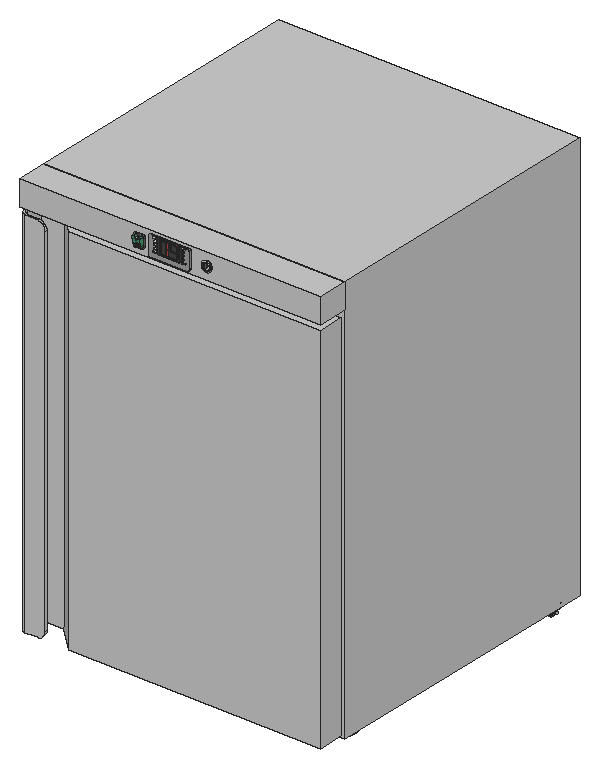
Revit family "QF_KOLDBOX_KXR200-KXF200", category Specialty Equipment, Revit 2016
Family settings
  Part Type = Normal
  Round Connector Dimension = Use Diameter
  OmniClass Number = 23.40.40.14
  OmniClass Title = Food Service Equipment
  Work Plane-Based = No
  Always vertical = Yes
  Cut with Voids When Loaded = No
  Shared = No
  Room Calculation Point = No
Parameters (values of type "KXF200")
  URL = "www.koldbox.com"
  Show Logo [instance] = yes
  Show Clearance [instance] = yes
  Model = "KXF200"
  Manufacturer = "KOLDBOX"
  Description = "KOLDBOX 200L STAINLESS STEEL UNDER COUNTER REFRIGERATOR"
  Assembly Code = "E1090320"
Types (2, lengths in mm): name | Model
  KXF200 | "KXF200"
  KXR200 | "KXR200"
Reference planes
  plane 1 "Back": y = 0
  plane 2: z = 0
  plane 3 "Left": x = 0
  plane 4 "Right": x = 595
  plane 5 "Front": y = -640
  plane 6 "Top": z = 830
Forms (mm)
  Extrusion 1, solid
    sketch origin (0, 60, 20) x (1, 0, 0) y (0, 0, 1)
      loop
        line (0, 810) -> (0, 0) -> (595, 0) -> (595, 810) -> (0, 810)
    from 60 to 640
  Extrusion 2, solid
    sketch origin (0, -580, 0) x (1, 0, 0) y (0, 0, 1)
      loop
        line (20, 750) -> (20, 50) -> (575, 50) -> (575, 750) -> (20, 750)
    from 0 to 10
  Extrusion 3, solid
    sketch origin (0, 0, -50) x (1, 0, 0) y (0, 1, 0)
      loop
        line (595, -590) -> (0, -590) -> (0, -630)
        arc (0, -630) -> (2.929, -637.071) -> (10, -640) r 10
        line (10, -640) -> (35, -640) -> (35, -637) -> (13, -637)
        arc (13, -637) -> (5.929, -634.071) -> (3, -627) r 10
        line (3, -627) -> (3, -593) -> (50, -593) -> (97, -640) -> (595, -640) -> (595, -590)
    from 80 to 820
  Extrusion 4, solid
    sketch origin (0, 0, 0) x (0, 1, 0) y (0, 0, 1)
      loop
        line (-580, 830) -> (-640, 830) -> (-640, 780) -> (-580, 780) -> (-580, 830)
    from 0 to 595
  Revolve 5, solid
    sketch origin (0, -530, 0) x (1, 0, 0) y (0, 0, -1)
      loop
        line (50, -20) -> (50, -15) -> (60, -15) -> (60, 0) -> (40, 0) -> (40, -20) -> (50, -20)
      axis (40, 0) -> (40, -20)
    angle from 0 to 360
  Extrusion 6, solid
    sketch origin (0, -637, 0) x (1, 0, 0) y (0, 0, 1)
      loop
        line (35, 770) -> (35, 30)
        arc (35, 30) -> (45.607, 34.393) -> (50, 45) r 15
        line (50, 45) -> (50, 755)
        arc (50, 755) -> (45.607, 765.607) -> (35, 770) r 15
    from 0 to 3
  Revolve 7, solid
    sketch origin (369.781, 0, 0) x (0, 1, 0) y (0, 0, 1)
      loop
        line (-640, 812.281) -> (-640, 815) -> (-641, 815) -> (-642.268, 812.281) -> (-640, 812.281)
      axis (-640, 805) -> (-642.268, 805)
    angle from 0 to 360
  Extrusion 8, solid
    sketch origin (369.781, -640, 0) x (1, 0, 0) y (0, 0, 1)
      loop
        circle (0, 805) r 7.281
    from 0 to 2.268
  Extrusion 9, solid
    sketch origin (229.5, -630.999, 0) x (1, 0, 0) y (0, 0, 1)
      loop
        arc (3, 815) -> (0.879, 814.121) -> (0, 812) r 3
        line (0, 812) -> (0, 798)
        arc (0, 798) -> (0.879, 795.879) -> (3, 795) r 3
        line (3, 795) -> (12, 795)
        arc (12, 795) -> (14.121, 795.879) -> (15, 798) r 3
        line (15, 798) -> (15, 812)
        arc (15, 812) -> (14.121, 814.121) -> (12, 815) r 3
        line (12, 815) -> (3, 815)
    from 9.001 to 20
  Extrusion 10, void
    sketch origin (227, 9.001, 0) x (0, 1, 0) y (0, 0, 1)
      loop
        line (-659.545, 817.359) -> (-661.721, 817.359) -> (-661.721, 793) -> (-653.921, 793) -> (-659.545, 817.359)
    from 0 to 20
  Extrusion 11, solid
    sketch origin (229.5, -639, 0) x (1, 0, 0) y (0, 0, 1)
      loop
        arc (3, 818) -> (-1.243, 816.243) -> (-3, 812) r 6
        line (-3, 812) -> (-3, 798)
        arc (-3, 798) -> (-1.243, 793.757) -> (3, 792) r 6
        line (3, 792) -> (12, 792)
        arc (12, 792) -> (16.243, 793.757) -> (18, 798) r 6
        line (18, 798) -> (18, 812)
        arc (18, 812) -> (16.243, 816.243) -> (12, 818) r 6
        line (12, 818) -> (3, 818)
    from 0 to 4
  Extrusion 12, solid
    sketch origin (0, -640.768, 0) x (1, 0, 0) y (0, 0, 1)
      loop
        line (368.781, 810.281) -> (368.781, 803.281) -> (370.781, 803.281) -> (370.781, 810.281) -> (368.781, 810.281)
    from 0.232 to 2
  Extrusion 13, solid
    sketch origin (-132.781, -466.033, 24.824) x (1, 0, 0) y (0, -0.224951, 0.97437)
      loop
        line (368.781, 810.281) -> (368.781, 805.281) -> (370.781, 805.281) -> (370.781, 810.281) -> (368.781, 810.281)
    from 0 to 2
  Extrusion 14, solid
    sketch origin (-132.781, -462.884, 11.183) x (1, 0, 0) y (0, -0.224951, 0.97437)
      loop
        circle (369.781, 809.781) r 2.5
      loop
        circle (369.781, 809.781) r 3.5
    from 0 to 2
  Extrusion 15, solid, visible <- "Show Clearance", detail levels coarse
    sketch origin (0, 0, 0) x (1, 0, 0) y (0, 1, 0)
      loop
        arc (0, -640) -> (174.271, -1060.729) -> (595, -1235) r 595
        line (595, -1235) -> (595, -640) -> (0, -640)
    from 30 to 770
  Revolve 16, solid
    sketch origin (595, -530, 0) x (-1, 0, 0) y (0, 0, 1)
      loop
        line (50, 20) -> (40, 20) -> (40, 0) -> (60, 0) -> (60, 15) -> (50, 15) -> (50, 20)
      axis (40, 0) -> (40, 20)
    angle from 0 to 360
  Extrusion 17, solid
    sketch origin (0, -639, 0) x (1, 0, 0) y (0, 0, 1)
      loop
        arc (260.5, 825) -> (258.379, 824.121) -> (257.5, 822) r 3
        line (257.5, 822) -> (257.5, 788)
        arc (257.5, 788) -> (258.379, 785.879) -> (260.5, 785) r 3
        line (260.5, 785) -> (334.5, 785)
        arc (334.5, 785) -> (336.621, 785.879) -> (337.5, 788) r 3
        line (337.5, 788) -> (337.5, 822)
        arc (337.5, 822) -> (336.621, 824.121) -> (334.5, 825) r 3
        line (334.5, 825) -> (260.5, 825)
    from 0 to 4
  Extrusion 18, solid
    sketch origin (0, -642, 10) x (1, 0, 0) y (0, 0, 1)
      loop
        arc (278, 815) -> (275.879, 814.121) -> (275, 812) r 3
        line (275, 812) -> (275, 788)
        arc (275, 788) -> (275.879, 785.879) -> (278, 785) r 3
        line (278, 785) -> (317, 785)
        arc (317, 785) -> (319.121, 785.879) -> (320, 788) r 3
        line (320, 788) -> (320, 812)
        arc (320, 812) -> (319.121, 814.121) -> (317, 815) r 3
        line (317, 815) -> (278, 815)
    from 0 to 2
  Extrusion 19, solid
    sketch origin (1.451, -642.5, 9.5) x (1, 0, 0) y (0, 0, 1)
      loop
        line (278.549, 802) -> (280.549, 802) -> (280.549, 812) -> (278.549, 812) -> (278.549, 802)
      loop
        line (278.549, 789) -> (280.549, 789) -> (280.549, 799) -> (278.549, 799) -> (278.549, 789)
      loop
        line (281.049, 814.5) -> (281.049, 812.5) -> (291.049, 812.5) -> (291.049, 814.5) -> (281.049, 814.5)
      loop
        line (293.549, 802) -> (293.549, 812) -> (291.549, 812) -> (291.549, 802) -> (293.549, 802)
      loop
        line (293.549, 789) -> (293.549, 799) -> (291.549, 799) -> (291.549, 789) -> (293.549, 789)
      loop
        line (281.049, 786.5) -> (291.049, 786.5) -> (291.049, 788.5) -> (281.049, 788.5) -> (281.049, 786.5)
      loop
        line (298.549, 802) -> (300.549, 802) -> (300.549, 812) -> (298.549, 812) -> (298.549, 802)
      loop
        line (301.049, 814.5) -> (301.049, 812.5) -> (311.049, 812.5) -> (311.049, 814.5) -> (301.049, 814.5)
      loop
        line (313.549, 802) -> (313.549, 812) -> (311.549, 812) -> (311.549, 802) -> (313.549, 802)
      loop
        line (313.549, 789) -> (313.549, 799) -> (311.549, 799) -> (311.549, 789) -> (313.549, 789)
      loop
        line (301.049, 799.5) -> (311.049, 799.5) -> (311.049, 801.5) -> (301.049, 801.5) -> (301.049, 799.5)
      loop
        line (301.049, 786.5) -> (311.049, 786.5) -> (311.049, 788.5) -> (301.049, 788.5) -> (301.049, 786.5)
      loop
        line (297.049, 786.5) -> (297.049, 788.5) -> (295.049, 788.5) -> (295.049, 786.5) -> (297.049, 786.5)
    from 0 to 2
  Extrusion 20, solid
    sketch origin (-27, -641.5, -995) x (1, 0, 0) y (0, 0, 1)
      loop
        arc (300, 1815) -> (299.121, 1817.121) -> (297, 1818) r 3
        line (297, 1818) -> (292, 1818) -> (292, 1816) -> (297, 1816)
        arc (297, 1816) -> (297.707, 1815.707) -> (298, 1815) r 1
        line (298, 1815) -> (298, 1811.5) -> (295, 1811.5) -> (295, 1809.5) -> (298, 1809.5) -> (298, 1805) -> (295, 1805) -> (295, 1803) -> (298, 1803) -> (298, 1798.5) -> (295, 1798.5) -> (295, 1796.5) -> (298, 1796.5) -> (298, 1793)
        arc (298, 1793) -> (297.707, 1792.293) -> (297, 1792) r 1
        line (297, 1792) -> (292, 1792) -> (292, 1790) -> (297, 1790)
        arc (297, 1790) -> (299.121, 1790.879) -> (300, 1793) r 3
        line (300, 1793) -> (300, 1815)
      loop
        line (349, 1815) -> (349, 1793)
        arc (349, 1793) -> (349.879, 1790.879) -> (352, 1790) r 3
        line (352, 1790) -> (357, 1790) -> (357, 1792) -> (352, 1792)
        arc (352, 1792) -> (351.293, 1792.293) -> (351, 1793) r 1
        line (351, 1793) -> (351, 1796.5) -> (354, 1796.5) -> (354, 1798.5) -> (351, 1798.5) -> (351, 1803) -> (354, 1803) -> (354, 1805) -> (351, 1805) -> (351, 1809.5) -> (354, 1809.5) -> (354, 1811.5) -> (351, 1811.5) -> (351, 1815)
        arc (351, 1815) -> (351.293, 1815.707) -> (352, 1816) r 1
        line (352, 1816) -> (357, 1816) -> (357, 1818) -> (352, 1818)
        arc (352, 1818) -> (349.879, 1817.121) -> (349, 1815) r 3
    from 0 to 2
  Revolve 21, solid
    sketch origin (-75.403, -50, 0.095) x (1, 0, 0) y (0, 0, 1)
      loop
        line (87.91, 8.905) -> (142.91, 8.905) -> (142.91, 16.41)
        arc (142.91, 16.41) -> (142.703, 16.91) -> (142.203, 17.117) r 0.707
        line (142.203, 17.117) -> (122.886, 17.905) -> (107.934, 17.905) -> (88.617, 17.117)
        arc (88.617, 17.117) -> (88.117, 16.91) -> (87.91, 16.41) r 0.707
        line (87.91, 16.41) -> (87.91, 8.905)
      axis (87.91, 8.905) -> (142.91, 8.905)
    angle from 0 to 360
  Extrusion 22, solid
    sketch origin (-76.41, 54.407, 0.195) x (0, 1, 0) y (0, 0, 1)
      loop
        arc (-92.407, 8.9) -> (-88.871, 10.364) -> (-87.407, 13.9) r 5
        line (-87.407, 13.9) -> (-87.407, 16.005) -> (-121.407, 16.005) -> (-121.407, 13.9)
        arc (-121.407, 13.9) -> (-119.942, 10.364) -> (-116.407, 8.9) r 5
        line (-116.407, 8.9) -> (-92.407, 8.9)
    from 85.91 to 87.41
  Extrusion 23, solid
    sketch origin (-16.91, 54.407, 0.195) x (0, 1, 0) y (0, 0, 1)
      loop
        arc (-92.407, 8.9) -> (-88.871, 10.364) -> (-87.407, 13.9) r 5
        line (-87.407, 13.9) -> (-87.407, 16.005) -> (-121.407, 16.005) -> (-121.407, 13.9)
        arc (-121.407, 13.9) -> (-119.942, 10.364) -> (-116.407, 8.9) r 5
        line (-116.407, 8.9) -> (-92.407, 8.9)
    from 85.91 to 87.41
  Extrusion 24, solid
    sketch origin (-76.41, 54.407, -12.9) x (1, 0, 0) y (0, 0, 1)
      loop
        line (149.21, 31.4) -> (149.21, 32.9)
        arc (149.21, 32.9) -> (146.523, 31.787) -> (145.41, 29.1) r 3.8
        line (145.41, 29.1) -> (146.91, 29.1)
        arc (146.91, 29.1) -> (147.583, 30.726) -> (149.21, 31.4) r 2.3
      loop
        arc (83.61, 31.4) -> (85.236, 30.726) -> (85.91, 29.1) r 2.3
        line (85.91, 29.1) -> (87.41, 29.1)
        arc (87.41, 29.1) -> (86.297, 31.787) -> (83.61, 32.9) r 3.8
        line (83.61, 32.9) -> (83.61, 31.4)
    from 87.407 to 121.407
  Extrusion 25, solid
    sketch origin (5, 54.407, -6.305) x (0, 1, 0) y (0, 0, 1)
      loop
        circle (-104.407, 15.4) r 2
    from 0 to 70
  Revolve 26, solid
    sketch origin (670.403, -50, 0.095) x (-1, 0, 0) y (0, 0, -1)
      loop
        line (87.91, -8.905) -> (87.91, -16.41)
        arc (87.91, -16.41) -> (88.117, -16.91) -> (88.617, -17.117) r 0.707
        line (88.617, -17.117) -> (107.934, -17.905) -> (122.886, -17.905) -> (142.203, -17.117)
        arc (142.203, -17.117) -> (142.703, -16.91) -> (142.91, -16.41) r 0.707
        line (142.91, -16.41) -> (142.91, -8.905) -> (87.91, -8.905)
      axis (87.91, -8.905) -> (142.91, -8.905)
    angle from 0 to 360
  Extrusion 27, solid
    sketch origin (671.41, 54.407, 0.195) x (0, 1, 0) y (0, 0, -1)
      loop
        line (-92.407, -8.9) -> (-116.407, -8.9)
        arc (-116.407, -8.9) -> (-119.942, -10.364) -> (-121.407, -13.9) r 5
        line (-121.407, -13.9) -> (-121.407, -16.005) -> (-87.407, -16.005) -> (-87.407, -13.9)
        arc (-87.407, -13.9) -> (-88.871, -10.364) -> (-92.407, -8.9) r 5
    from 85.91 to 87.41
  Extrusion 28, solid
    sketch origin (611.91, 54.407, 0.195) x (0, 1, 0) y (0, 0, -1)
      loop
        line (-92.407, -8.9) -> (-116.407, -8.9)
        arc (-116.407, -8.9) -> (-119.942, -10.364) -> (-121.407, -13.9) r 5
        line (-121.407, -13.9) -> (-121.407, -16.005) -> (-87.407, -16.005) -> (-87.407, -13.9)
        arc (-87.407, -13.9) -> (-88.871, -10.364) -> (-92.407, -8.9) r 5
    from 85.91 to 87.41
  Extrusion 29, solid
    sketch origin (671.41, 54.407, -12.9) x (-1, 0, 0) y (0, 0, -1)
      loop
        arc (149.21, -31.4) -> (147.583, -30.726) -> (146.91, -29.1) r 2.3
        line (146.91, -29.1) -> (145.41, -29.1)
        arc (145.41, -29.1) -> (146.523, -31.787) -> (149.21, -32.9) r 3.8
        line (149.21, -32.9) -> (149.21, -31.4)
      loop
        line (83.61, -31.4) -> (83.61, -32.9)
        arc (83.61, -32.9) -> (86.297, -31.787) -> (87.41, -29.1) r 3.8
        line (87.41, -29.1) -> (85.91, -29.1)
        arc (85.91, -29.1) -> (85.236, -30.726) -> (83.61, -31.4) r 2.3
    from 87.407 to 121.407
  Extrusion 30, solid
    sketch origin (590, 54.407, -6.305) x (0, 1, 0) y (0, 0, -1)
      loop
        circle (-104.407, -15.4) r 2
    from 0 to 70
Cuts and joins
  joined: Extrusion 3, Extrusion 6
  Extrusion 10 cuts Extrusion 9
Lines and regions (mm)
  symbolic lines, style "QF_Door-Drawer Clearances", visible <- "Show Clearance"
    curve 1: arc (0, -640, 0) -> (174.271, -1060.729, 0) -> (595, -1235, 0) r 595
    curve 2: line (595, -1235, 0) -> (595, -640, 0)
  symbolic lines, style "200-EquipBorder-2D"
    curve 3: line (0, 0, 0) -> (595, 0, 0)
    curve 4: line (0, -640, 0) -> (0, 0, 0)
    curve 5: line (595, -640, 0) -> (0, -640, 0)
    curve 6: line (595, 0, 0) -> (595, -640, 0)
  symbolic lines, style "200-EquipInternal-2D"
    curve 7: line (0, -580, 0) -> (595, -580, 0)
Dimensions and locks
  plane 3 "Left" to plane 4 "Right" = 595 mm
  plane 5 "Front" to plane 1 "Back" = 640 mm
  plane 6 "Top" to level = 830 mm  (x2)
  plane 1 "Back" to plane 5 "Front" = 640 mm
  plane 4 "Right" to plane 3 "Left" = 595 mm
  aligned and locked: level to plane 2
